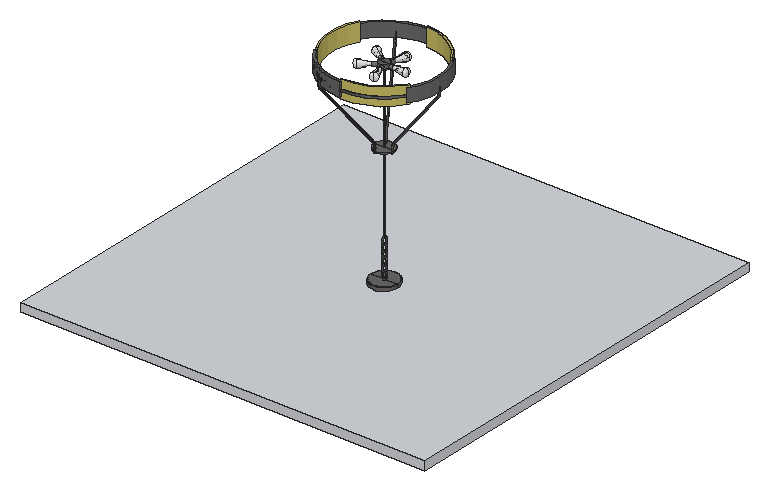
Revit family "P500330-031", category Lighting Fixtures, host Face, Revit 2021 (continued)
Automatic sketch dimensions
  Sweep 12 sketch curve to Sweep 12 sketch curve = 0.09741"
  Sweep 12 sketch curve to profile plane = 0.00"
  profile plane to Sweep 12 sketch curve = 0.00095"
  plane 1 "Center (Front/Back)" to Sweep 13 sketch curve = 0.33025"
  Sweep 13 sketch curve to Sweep 13 sketch curve = 0.12134"
  plane 1 "Center (Front/Back)" to Sweep 13 sketch curve = 0.04529"
  Sweep 13 sketch curve to Sweep 13 sketch curve = 0.09741"
  Sweep 13 sketch curve to profile plane = 0.00"
  profile plane to Sweep 13 sketch curve = 0.00095"
  plane 1 "Center (Front/Back)" to Revolve 14 sketch curve = 0.64841"
  Revolve 14 sketch curve to Revolve 14 sketch curve = 0.04488"  (x2)
  plane 1 "Center (Front/Back)" to Revolve 14 sketch curve = 0.50186"
  Revolve 14 sketch curve to Revolve 14 sketch curve = 2.09576"
  Revolve 14 sketch curve to Revolve 14 sketch curve = 0.00978"
  Revolve 14 sketch curve to Revolve 14 sketch curve = 0.00483"
  Revolve 14 sketch curve to Revolve 14 sketch curve = 0.502"
  Revolve 14 sketch curve to Revolve 14 sketch curve = 0.06901"
  Revolve 15 sketch curve to plane 1 "Center (Front/Back)" = 0.68371"
  Revolve 15 sketch curve to Revolve 15 sketch curve = 0.04488"  (x2)
  Revolve 15 sketch curve to plane 1 "Center (Front/Back)" = 0.53482"
  Revolve 15 sketch curve to Revolve 15 sketch curve = 2.12926"
  Revolve 15 sketch curve to Revolve 15 sketch curve = 0.01212"
  Revolve 15 sketch curve to Revolve 15 sketch curve = 0.00483"
  Revolve 15 sketch curve to Revolve 15 sketch curve = 0.06901"
  Revolve 15 sketch curve to Revolve 15 sketch curve = 0.46851"
  Revolve 16 sketch curve to plane 3 "Center (Left/Right)" = 0.00"  (x3)
  Revolve 16 sketch curve to level = 0.00"
  plane 3 "Center (Left/Right)" to Revolve 16 sketch curve = 0.1333"  (x3)
  plane 3 "Center (Left/Right)" to Revolve 16 sketch curve = 0.3208"
  Revolve 16 sketch curve to Revolve 16 sketch curve = 1.14628"
  Revolve 16 sketch curve to Revolve 16 sketch curve = 0.00"
  Revolve 16 sketch curve to Revolve 16 sketch curve = 0.07001"
  Revolve 16 sketch curve to Revolve 16 sketch curve = 2.25"
  level to Revolve 16 sketch curve = 0.83366"
  Revolve 16 sketch curve to Revolve 16 sketch curve = 2.83309"
  Revolve 16 sketch curve to Revolve 16 sketch curve = 0.09611"
  Revolve 16 sketch curve to Revolve 16 sketch curve = 0.08366"
  Revolve 16 sketch curve to Revolve 16 sketch curve = 0.25"
  plane 4 to Revolve 16 sketch curve = 0.77409"
  Revolve 16 sketch curve to Revolve 16 sketch curve = 0.15"
  Revolve 16 sketch curve to Revolve 16 sketch curve = 1.63119"
  Revolve 16 sketch curve to Revolve 16 sketch curve = 0.09786"
  Revolve 16 sketch curve to level = 24.00"
  Revolve 16 sketch curve to Revolve 16 sketch curve = 1.22464"
  Sweep 17 sketch curve to plane 8 = 0.00"
  Sweep 17 sketch curve to plane 8 = 0.26499"
  Sweep 17 sketch curve to Sweep 17 sketch curve = 1.25"
  plane 3 "Center (Left/Right)" to Sweep 17 sketch curve = 4.57546"
  plane 3 "Center (Left/Right)" to Sweep 17 sketch curve = 2.48143"
  Sweep 17 sketch curve to Sweep 17 sketch curve = 0.56333"
  plane 1 "Center (Front/Back)" to Sweep 17 sketch curve = 0.00"
  Sweep 17 sketch curve to profile plane = 0.00"
  Sweep 18 sketch curve to Sweep 18 sketch curve = 0.56333"
  Sweep 18 sketch curve to Sweep 18 sketch curve = 9.26857"
  Sweep 18 sketch curve to Sweep 18 sketch curve = 0.98501"
  Sweep 18 sketch curve to profile plane = 0.00"  (x2)
  profile plane to Sweep 19 sketch curve = 0.00"
  Sweep 19 sketch curve to profile plane = 0.00"
  plane 3 "Center (Left/Right)" to Revolve 20 sketch curve = 1.22826"
  Revolve 20 sketch curve to Revolve 20 sketch curve = 1.12419"
  Revolve 20 sketch curve to Revolve 20 sketch curve = 0.39063"
  Revolve 20 sketch curve to Revolve 20 sketch curve = 0.03066"
  Revolve 20 sketch curve to Revolve 20 sketch curve = 0.22353"
  Revolve 20 sketch curve to Revolve 20 sketch curve = 0.00"
  Revolve 21 sketch curve to Revolve 21 sketch curve = 0.40218"
  Revolve 21 sketch curve to Revolve 21 sketch curve = 0.93968"
  Revolve 21 sketch curve to Revolve 21 sketch curve = 2.76522"
  Revolve 21 sketch curve to Revolve 21 sketch curve = 0.68272"
  Revolve 21 sketch curve to Revolve 21 sketch curve = 0.00"
  Revolve 21 sketch curve to Revolve 21 sketch curve = 16.7585"
  Revolve 21 sketch curve to Revolve 21 sketch curve = 31.43773"
  Revolve 22 sketch curve to Revolve 22 sketch curve = 0.17678"  (x2)
  Revolve 22 sketch curve to Revolve 22 sketch curve = 0.20683"
  Revolve 22 sketch curve to Revolve 22 sketch curve = 0.00146"
  Revolve 22 sketch curve to Revolve 22 sketch curve = 0.01542"
  Revolve 22 sketch curve to Revolve 22 sketch curve = 0.25"  (x3)
  Revolve 22 sketch curve to Revolve 22 sketch curve = 0.09516"
  Revolve 22 sketch curve to Revolve 22 sketch curve = 2.25"
  Revolve 22 sketch curve to Revolve 22 sketch curve = 0.1864"
  Revolve 22 sketch curve to Revolve 22 sketch curve = 0.00996"
  Revolve 22 sketch curve to Revolve 22 sketch curve = 0.07767"
  Revolve 22 sketch curve to Revolve 22 sketch curve = 0.03385"
  Revolve 22 sketch curve to Revolve 22 sketch curve = 0.00"  (x2)
  Revolve 22 sketch curve to Revolve 22 sketch curve = 5.5253"
  Revolve 23 sketch curve to Revolve 23 sketch curve = 0.04488"  (x2)
  Revolve 23 sketch curve to Revolve 23 sketch curve = 0.10225"
  Revolve 23 sketch curve to Revolve 23 sketch curve = 2.10405"
  Revolve 23 sketch curve to Revolve 23 sketch curve = 0.01036"
  Revolve 23 sketch curve to Revolve 23 sketch curve = 0.00483"
  Revolve 23 sketch curve to Revolve 23 sketch curve = 0.49372"
  Revolve 23 sketch curve to Revolve 23 sketch curve = 0.06901"
  Revolve 24 sketch curve to Revolve 24 sketch curve = 0.04488"  (x2)
  Revolve 24 sketch curve to Revolve 24 sketch curve = 0.10401"
  Revolve 24 sketch curve to Revolve 24 sketch curve = 2.12926"
  Revolve 24 sketch curve to Revolve 24 sketch curve = 0.01212"
  Revolve 24 sketch curve to Revolve 24 sketch curve = 0.00483"
  Revolve 24 sketch curve to Revolve 24 sketch curve = 0.06901"
  Revolve 24 sketch curve to Revolve 24 sketch curve = 0.46851"
  Sweep 25 sketch curve to Sweep 25 sketch curve = 0.12134"
  Sweep 25 sketch curve to Sweep 25 sketch curve = 0.4412"
  Sweep 25 sketch curve to Sweep 25 sketch curve = 0.09741"
  Sweep 25 sketch curve to profile plane = 0.00"
  profile plane to Sweep 25 sketch curve = 0.00095"
  Sweep 26 sketch curve to Sweep 26 sketch curve = 0.12134"
  Sweep 26 sketch curve to Sweep 26 sketch curve = 0.4412"
  Sweep 26 sketch curve to Sweep 26 sketch curve = 0.09741"
  Sweep 26 sketch curve to profile plane = 0.00"
  profile plane to Sweep 26 sketch curve = 0.00095"
  Sweep 27 sketch curve to Sweep 27 sketch curve = 0.12134"
  Sweep 27 sketch curve to Sweep 27 sketch curve = 0.4412"
  Sweep 27 sketch curve to Sweep 27 sketch curve = 0.09741"
  Sweep 27 sketch curve to profile plane = 0.00"
  profile plane to Sweep 27 sketch curve = 0.00095"
  Sweep 28 sketch curve to Sweep 28 sketch curve = 0.12134"
  Sweep 28 sketch curve to Sweep 28 sketch curve = 0.4412"
  Sweep 28 sketch curve to Sweep 28 sketch curve = 0.09741"
  Sweep 28 sketch curve to profile plane = 0.00"
  profile plane to Sweep 28 sketch curve = 0.00095"
  Sweep 29 sketch curve to Sweep 29 sketch curve = 0.12134"
  Sweep 29 sketch curve to Sweep 29 sketch curve = 0.28495"
  Sweep 29 sketch curve to Sweep 29 sketch curve = 0.09741"
  Sweep 29 sketch curve to profile plane = 0.00"
  profile plane to Sweep 29 sketch curve = 0.00095"
  Sweep 30 sketch curve to Sweep 30 sketch curve = 0.12134"
  Sweep 30 sketch curve to Sweep 30 sketch curve = 0.28495"
  Sweep 30 sketch curve to Sweep 30 sketch curve = 0.09741"
  Sweep 30 sketch curve to profile plane = 0.00"
  profile plane to Sweep 30 sketch curve = 0.00095"
  Sweep 31 sketch curve to Sweep 31 sketch curve = 0.12134"
  Sweep 31 sketch curve to Sweep 31 sketch curve = 0.28495"
  Sweep 31 sketch curve to Sweep 31 sketch curve = 0.09741"
  Sweep 31 sketch curve to profile plane = 0.00"
  profile plane to Sweep 31 sketch curve = 0.00095"
  Sweep 32 sketch curve to Sweep 32 sketch curve = 0.12134"
  Sweep 32 sketch curve to Sweep 32 sketch curve = 0.28495"
  Sweep 32 sketch curve to Sweep 32 sketch curve = 0.09741"
  Sweep 32 sketch curve to profile plane = 0.00"
  profile plane to Sweep 32 sketch curve = 0.00095"
  Revolve 33 sketch curve to Revolve 33 sketch curve = 0.04488"  (x2)
  Revolve 33 sketch curve to Revolve 33 sketch curve = 0.10167"
  Revolve 33 sketch curve to Revolve 33 sketch curve = 2.09576"
  Revolve 33 sketch curve to Revolve 33 sketch curve = 0.00978"
  Revolve 33 sketch curve to Revolve 33 sketch curve = 0.00483"
  Revolve 33 sketch curve to Revolve 33 sketch curve = 0.502"
  Revolve 33 sketch curve to Revolve 33 sketch curve = 0.06901"
  Revolve 34 sketch curve to Revolve 34 sketch curve = 0.04488"  (x2)
  Revolve 34 sketch curve to Revolve 34 sketch curve = 0.10401"
  Revolve 34 sketch curve to Revolve 34 sketch curve = 2.12926"
  Revolve 34 sketch curve to Revolve 34 sketch curve = 0.01212"
  Revolve 34 sketch curve to Revolve 34 sketch curve = 0.00483"
  Revolve 34 sketch curve to Revolve 34 sketch curve = 0.06901"
  Revolve 34 sketch curve to Revolve 34 sketch curve = 0.46851"
  Revolve 35 sketch curve to Revolve 35 sketch curve = 1.12419"
  Revolve 35 sketch curve to Revolve 35 sketch curve = 0.39063"
  Revolve 35 sketch curve to Revolve 35 sketch curve = 0.03066"
  Revolve 35 sketch curve to Revolve 35 sketch curve = 0.22353"
  Revolve 35 sketch curve to Revolve 35 sketch curve = 0.00"
  Revolve 36 sketch curve to Revolve 36 sketch curve = 0.40218"
  Revolve 36 sketch curve to Revolve 36 sketch curve = 0.93968"
  Revolve 36 sketch curve to Revolve 36 sketch curve = 2.76522"
  Revolve 36 sketch curve to Revolve 36 sketch curve = 0.68272"
  Revolve 36 sketch curve to Revolve 36 sketch curve = 0.00"
  Revolve 36 sketch curve to Revolve 36 sketch curve = 16.7585"
  Revolve 36 sketch curve to Revolve 36 sketch curve = 31.43773"
  Revolve 37 sketch curve to Revolve 37 sketch curve = 0.17678"  (x2)
  Revolve 37 sketch curve to Revolve 37 sketch curve = 0.20683"
  Revolve 37 sketch curve to Revolve 37 sketch curve = 0.00146"
  Revolve 37 sketch curve to Revolve 37 sketch curve = 0.01542"
  Revolve 37 sketch curve to Revolve 37 sketch curve = 0.25"  (x3)
  Revolve 37 sketch curve to Revolve 37 sketch curve = 0.09516"
  Revolve 37 sketch curve to Revolve 37 sketch curve = 2.25"
  Revolve 37 sketch curve to Revolve 37 sketch curve = 0.1864"
  Revolve 37 sketch curve to Revolve 37 sketch curve = 0.00996"
  Revolve 37 sketch curve to Revolve 37 sketch curve = 0.07767"
  Revolve 37 sketch curve to Revolve 37 sketch curve = 0.03385"
  Revolve 37 sketch curve to Revolve 37 sketch curve = 0.00"  (x2)
  Revolve 37 sketch curve to Revolve 37 sketch curve = 5.5253"
  Revolve 38 sketch curve to Revolve 38 sketch curve = 0.04488"  (x2)
  Revolve 38 sketch curve to Revolve 38 sketch curve = 0.10225"
  Revolve 38 sketch curve to Revolve 38 sketch curve = 2.10405"
  Revolve 38 sketch curve to Revolve 38 sketch curve = 0.01036"
  Revolve 38 sketch curve to Revolve 38 sketch curve = 0.00483"
  Revolve 38 sketch curve to Revolve 38 sketch curve = 0.49372"
  Revolve 38 sketch curve to Revolve 38 sketch curve = 0.06901"
  Revolve 39 sketch curve to Revolve 39 sketch curve = 0.04488"  (x2)
  Revolve 39 sketch curve to Revolve 39 sketch curve = 0.10401"
  Revolve 39 sketch curve to Revolve 39 sketch curve = 2.12926"
  Revolve 39 sketch curve to Revolve 39 sketch curve = 0.01212"
  Revolve 39 sketch curve to Revolve 39 sketch curve = 0.00483"
  Revolve 39 sketch curve to Revolve 39 sketch curve = 0.06901"
  Revolve 39 sketch curve to Revolve 39 sketch curve = 0.46851"
  Sweep 40 sketch curve to Sweep 40 sketch curve = 0.12134"
  Sweep 40 sketch curve to Sweep 40 sketch curve = 0.4412"
  Sweep 40 sketch curve to Sweep 40 sketch curve = 0.09741"
  Sweep 40 sketch curve to profile plane = 0.00"
  profile plane to Sweep 40 sketch curve = 0.00095"
  Sweep 41 sketch curve to Sweep 41 sketch curve = 0.12134"
  Sweep 41 sketch curve to Sweep 41 sketch curve = 0.4412"
  Sweep 41 sketch curve to Sweep 41 sketch curve = 0.09741"
  Sweep 41 sketch curve to profile plane = 0.00"
  profile plane to Sweep 41 sketch curve = 0.00095"
  Sweep 42 sketch curve to Sweep 42 sketch curve = 0.12134"
  Sweep 42 sketch curve to Sweep 42 sketch curve = 0.4412"
  Sweep 42 sketch curve to Sweep 42 sketch curve = 0.09741"
  profile plane to Sweep 42 sketch curve = 0.00"
  profile plane to Sweep 42 sketch curve = 0.00095"
  Sweep 43 sketch curve to Sweep 43 sketch curve = 0.12134"
  Sweep 43 sketch curve to Sweep 43 sketch curve = 0.4412"
  Sweep 43 sketch curve to Sweep 43 sketch curve = 0.09741"
  profile plane to Sweep 43 sketch curve = 0.00"
  profile plane to Sweep 43 sketch curve = 0.00095"
  Sweep 44 sketch curve to Sweep 44 sketch curve = 0.12134"
  Sweep 44 sketch curve to Sweep 44 sketch curve = 0.28495"
  Sweep 44 sketch curve to Sweep 44 sketch curve = 0.09741"
  Sweep 44 sketch curve to profile plane = 0.00"
  profile plane to Sweep 44 sketch curve = 0.00095"
  Sweep 45 sketch curve to Sweep 45 sketch curve = 0.12134"
  Sweep 45 sketch curve to Sweep 45 sketch curve = 0.28495"
  Sweep 45 sketch curve to Sweep 45 sketch curve = 0.09741"
  Sweep 45 sketch curve to profile plane = 0.00"
  profile plane to Sweep 45 sketch curve = 0.00095"
  Sweep 46 sketch curve to Sweep 46 sketch curve = 0.12134"
  Sweep 46 sketch curve to Sweep 46 sketch curve = 0.28495"
  Sweep 46 sketch curve to Sweep 46 sketch curve = 0.09741"
  profile plane to Sweep 46 sketch curve = 0.00"
  profile plane to Sweep 46 sketch curve = 0.00095"
  Sweep 47 sketch curve to Sweep 47 sketch curve = 0.12134"
  Sweep 47 sketch curve to Sweep 47 sketch curve = 0.28495"
  Sweep 47 sketch curve to Sweep 47 sketch curve = 0.09741"
  profile plane to Sweep 47 sketch curve = 0.00"
  profile plane to Sweep 47 sketch curve = 0.00095"
  Revolve 48 sketch curve to Revolve 48 sketch curve = 0.04488"  (x2)
  Revolve 48 sketch curve to Revolve 48 sketch curve = 0.10167"
  Revolve 48 sketch curve to Revolve 48 sketch curve = 2.09576"
  Revolve 48 sketch curve to Revolve 48 sketch curve = 0.00978"
  Revolve 48 sketch curve to Revolve 48 sketch curve = 0.00483"
  Revolve 48 sketch curve to Revolve 48 sketch curve = 0.502"
  Revolve 48 sketch curve to Revolve 48 sketch curve = 0.06901"
  Revolve 49 sketch curve to Revolve 49 sketch curve = 0.04488"  (x2)
  Revolve 49 sketch curve to Revolve 49 sketch curve = 0.10401"
  Revolve 49 sketch curve to Revolve 49 sketch curve = 2.12926"
  Revolve 49 sketch curve to Revolve 49 sketch curve = 0.01212"
  Revolve 49 sketch curve to Revolve 49 sketch curve = 0.00483"
  Revolve 49 sketch curve to Revolve 49 sketch curve = 0.06901"
  Revolve 49 sketch curve to Revolve 49 sketch curve = 0.46851"
  Revolve 50 sketch curve to Revolve 50 sketch curve = 1.12419"
  Revolve 50 sketch curve to Revolve 50 sketch curve = 0.39063"
  Revolve 50 sketch curve to Revolve 50 sketch curve = 0.03066"
  Revolve 50 sketch curve to Revolve 50 sketch curve = 0.22353"
  Revolve 50 sketch curve to Revolve 50 sketch curve = 0.00"
  Revolve 51 sketch curve to Revolve 51 sketch curve = 0.40218"
  Revolve 51 sketch curve to Revolve 51 sketch curve = 0.93968"
  Revolve 51 sketch curve to Revolve 51 sketch curve = 2.76522"
  Revolve 51 sketch curve to Revolve 51 sketch curve = 0.68272"
  Revolve 51 sketch curve to Revolve 51 sketch curve = 0.00"
  Revolve 51 sketch curve to Revolve 51 sketch curve = 16.7585"
  Revolve 51 sketch curve to Revolve 51 sketch curve = 31.43773"
  Revolve 52 sketch curve to Revolve 52 sketch curve = 0.17678"  (x2)
  Revolve 52 sketch curve to Revolve 52 sketch curve = 0.20683"
  Revolve 52 sketch curve to Revolve 52 sketch curve = 0.00146"
  Revolve 52 sketch curve to Revolve 52 sketch curve = 0.01542"
  Revolve 52 sketch curve to Revolve 52 sketch curve = 0.25"  (x3)
  Revolve 52 sketch curve to Revolve 52 sketch curve = 0.09516"
  Revolve 52 sketch curve to Revolve 52 sketch curve = 2.25"
  Revolve 52 sketch curve to Revolve 52 sketch curve = 0.1864"
  Revolve 52 sketch curve to Revolve 52 sketch curve = 0.00996"
  Revolve 52 sketch curve to Revolve 52 sketch curve = 0.07767"
  Revolve 52 sketch curve to Revolve 52 sketch curve = 0.03385"
  Revolve 52 sketch curve to Revolve 52 sketch curve = 0.00"  (x2)
  Revolve 52 sketch curve to Revolve 52 sketch curve = 5.5253"
  Revolve 53 sketch curve to Revolve 53 sketch curve = 0.04488"  (x2)
  Revolve 53 sketch curve to Revolve 53 sketch curve = 0.10225"
  Revolve 53 sketch curve to Revolve 53 sketch curve = 2.10405"
  Revolve 53 sketch curve to Revolve 53 sketch curve = 0.01036"
  Revolve 53 sketch curve to Revolve 53 sketch curve = 0.00483"
  Revolve 53 sketch curve to Revolve 53 sketch curve = 0.49372"
  Revolve 53 sketch curve to Revolve 53 sketch curve = 0.06901"
  Revolve 54 sketch curve to Revolve 54 sketch curve = 0.04488"  (x2)
  Revolve 54 sketch curve to Revolve 54 sketch curve = 0.10401"
  Revolve 54 sketch curve to Revolve 54 sketch curve = 2.12926"
  Revolve 54 sketch curve to Revolve 54 sketch curve = 0.01212"
  Revolve 54 sketch curve to Revolve 54 sketch curve = 0.00483"
  Revolve 54 sketch curve to Revolve 54 sketch curve = 0.06901"
  Revolve 54 sketch curve to Revolve 54 sketch curve = 0.46851"
  Sweep 55 sketch curve to Sweep 55 sketch curve = 0.12134"
  Sweep 55 sketch curve to Sweep 55 sketch curve = 0.4412"
  Sweep 55 sketch curve to Sweep 55 sketch curve = 0.09741"
  profile plane to Sweep 55 sketch curve = 0.00"
  profile plane to Sweep 55 sketch curve = 0.00095"
  Sweep 56 sketch curve to Sweep 56 sketch curve = 0.12134"
  Sweep 56 sketch curve to Sweep 56 sketch curve = 0.4412"
  Sweep 56 sketch curve to Sweep 56 sketch curve = 0.09741"
  profile plane to Sweep 56 sketch curve = 0.00"
  profile plane to Sweep 56 sketch curve = 0.00095"
  Sweep 57 sketch curve to Sweep 57 sketch curve = 0.12134"
  Sweep 57 sketch curve to Sweep 57 sketch curve = 0.4412"
  Sweep 57 sketch curve to Sweep 57 sketch curve = 0.09741"
  profile plane to Sweep 57 sketch curve = 0.00"
  profile plane to Sweep 57 sketch curve = 0.00095"
  Sweep 58 sketch curve to Sweep 58 sketch curve = 0.12134"
  Sweep 58 sketch curve to Sweep 58 sketch curve = 0.4412"
  Sweep 58 sketch curve to Sweep 58 sketch curve = 0.09741"
  profile plane to Sweep 58 sketch curve = 0.00"
  profile plane to Sweep 58 sketch curve = 0.00095"
  Sweep 59 sketch curve to Sweep 59 sketch curve = 0.12134"
  Sweep 59 sketch curve to Sweep 59 sketch curve = 0.28495"
  Sweep 59 sketch curve to Sweep 59 sketch curve = 0.09741"
  profile plane to Sweep 59 sketch curve = 0.00"
  profile plane to Sweep 59 sketch curve = 0.00095"
  Sweep 60 sketch curve to Sweep 60 sketch curve = 0.12134"
  Sweep 60 sketch curve to Sweep 60 sketch curve = 0.28495"
  Sweep 60 sketch curve to Sweep 60 sketch curve = 0.09741"
  profile plane to Sweep 60 sketch curve = 0.00"
  profile plane to Sweep 60 sketch curve = 0.00095"
  Sweep 61 sketch curve to Sweep 61 sketch curve = 0.12134"
  Sweep 61 sketch curve to Sweep 61 sketch curve = 0.28495"
  Sweep 61 sketch curve to Sweep 61 sketch curve = 0.09741"
  profile plane to Sweep 61 sketch curve = 0.00"
  profile plane to Sweep 61 sketch curve = 0.00095"
  Sweep 62 sketch curve to Sweep 62 sketch curve = 0.12134"
  Sweep 62 sketch curve to Sweep 62 sketch curve = 0.28495"
  Sweep 62 sketch curve to Sweep 62 sketch curve = 0.09741"
  profile plane to Sweep 62 sketch curve = 0.00"
  profile plane to Sweep 62 sketch curve = 0.00095"
  Revolve 63 sketch curve to Revolve 63 sketch curve = 0.04488"  (x2)
  Revolve 63 sketch curve to Revolve 63 sketch curve = 0.10167"
  Revolve 63 sketch curve to Revolve 63 sketch curve = 2.09576"
  Revolve 63 sketch curve to Revolve 63 sketch curve = 0.00978"
  Revolve 63 sketch curve to Revolve 63 sketch curve = 0.00483"
  Revolve 63 sketch curve to Revolve 63 sketch curve = 0.502"
  Revolve 63 sketch curve to Revolve 63 sketch curve = 0.06901"
  Revolve 64 sketch curve to Revolve 64 sketch curve = 0.04488"  (x2)
  Revolve 64 sketch curve to Revolve 64 sketch curve = 0.10401"
  Revolve 64 sketch curve to Revolve 64 sketch curve = 2.12926"
  Revolve 64 sketch curve to Revolve 64 sketch curve = 0.01212"
  Revolve 64 sketch curve to Revolve 64 sketch curve = 0.00483"
  Revolve 64 sketch curve to Revolve 64 sketch curve = 0.06901"
  Revolve 64 sketch curve to Revolve 64 sketch curve = 0.46851"
  Revolve 65 sketch curve to Revolve 65 sketch curve = 1.12419"
  Revolve 65 sketch curve to Revolve 65 sketch curve = 0.39063"
  Revolve 65 sketch curve to Revolve 65 sketch curve = 0.03066"
  Revolve 65 sketch curve to Revolve 65 sketch curve = 0.22353"
  Revolve 65 sketch curve to Revolve 65 sketch curve = 0.00"
  Revolve 66 sketch curve to Revolve 66 sketch curve = 0.40218"
  Revolve 66 sketch curve to Revolve 66 sketch curve = 0.93968"
  Revolve 66 sketch curve to Revolve 66 sketch curve = 2.76522"
  Revolve 66 sketch curve to Revolve 66 sketch curve = 0.68272"
  Revolve 66 sketch curve to Revolve 66 sketch curve = 0.00"
  Revolve 66 sketch curve to Revolve 66 sketch curve = 16.7585"
  Revolve 66 sketch curve to Revolve 66 sketch curve = 31.43773"
  Revolve 67 sketch curve to Revolve 67 sketch curve = 0.17678"  (x2)
  Revolve 67 sketch curve to Revolve 67 sketch curve = 0.20683"
  Revolve 67 sketch curve to Revolve 67 sketch curve = 0.00146"
  Revolve 67 sketch curve to Revolve 67 sketch curve = 0.01542"
  Revolve 67 sketch curve to Revolve 67 sketch curve = 0.25"  (x3)
  Revolve 67 sketch curve to Revolve 67 sketch curve = 0.09516"
  Revolve 67 sketch curve to Revolve 67 sketch curve = 2.25"
  Revolve 67 sketch curve to Revolve 67 sketch curve = 0.1864"
  Revolve 67 sketch curve to Revolve 67 sketch curve = 0.00996"
  Revolve 67 sketch curve to Revolve 67 sketch curve = 0.07767"
  Revolve 67 sketch curve to Revolve 67 sketch curve = 0.03385"
  Revolve 67 sketch curve to Revolve 67 sketch curve = 0.00"  (x2)
  Revolve 67 sketch curve to Revolve 67 sketch curve = 5.5253"
  Revolve 68 sketch curve to Revolve 68 sketch curve = 0.04488"  (x2)
  Revolve 68 sketch curve to Revolve 68 sketch curve = 0.10225"
  Revolve 68 sketch curve to Revolve 68 sketch curve = 2.10405"
  Revolve 68 sketch curve to Revolve 68 sketch curve = 0.01036"
  Revolve 68 sketch curve to Revolve 68 sketch curve = 0.00483"
  Revolve 68 sketch curve to Revolve 68 sketch curve = 0.49372"
  Revolve 68 sketch curve to Revolve 68 sketch curve = 0.06901"
  Revolve 69 sketch curve to Revolve 69 sketch curve = 0.04488"  (x2)
  Revolve 69 sketch curve to Revolve 69 sketch curve = 0.10401"
  Revolve 69 sketch curve to Revolve 69 sketch curve = 2.12926"
  Revolve 69 sketch curve to Revolve 69 sketch curve = 0.01212"
  Revolve 69 sketch curve to Revolve 69 sketch curve = 0.00483"
  Revolve 69 sketch curve to Revolve 69 sketch curve = 0.06901"
  Revolve 69 sketch curve to Revolve 69 sketch curve = 0.46851"
  Sweep 70 sketch curve to Sweep 70 sketch curve = 0.12134"
  Sweep 70 sketch curve to Sweep 70 sketch curve = 0.4412"
  Sweep 70 sketch curve to Sweep 70 sketch curve = 0.09741"
  profile plane to Sweep 70 sketch curve = 0.00"
  profile plane to Sweep 70 sketch curve = 0.00095"
  Sweep 71 sketch curve to Sweep 71 sketch curve = 0.12134"
  Sweep 71 sketch curve to Sweep 71 sketch curve = 0.4412"
  Sweep 71 sketch curve to Sweep 71 sketch curve = 0.09741"
  profile plane to Sweep 71 sketch curve = 0.00"
  profile plane to Sweep 71 sketch curve = 0.00095"
  Sweep 72 sketch curve to Sweep 72 sketch curve = 0.12134"
  Sweep 72 sketch curve to Sweep 72 sketch curve = 0.4412"
  Sweep 72 sketch curve to Sweep 72 sketch curve = 0.09741"
  Sweep 72 sketch curve to profile plane = 0.00"
  profile plane to Sweep 72 sketch curve = 0.00095"
  Sweep 73 sketch curve to Sweep 73 sketch curve = 0.12134"
  Sweep 73 sketch curve to Sweep 73 sketch curve = 0.4412"
  Sweep 73 sketch curve to Sweep 73 sketch curve = 0.09741"
  Sweep 73 sketch curve to profile plane = 0.00"
  profile plane to Sweep 73 sketch curve = 0.00095"
  Sweep 74 sketch curve to Sweep 74 sketch curve = 0.12134"
  Sweep 74 sketch curve to Sweep 74 sketch curve = 0.28495"
  Sweep 74 sketch curve to Sweep 74 sketch curve = 0.09741"
  profile plane to Sweep 74 sketch curve = 0.00"
  profile plane to Sweep 74 sketch curve = 0.00095"
  Sweep 75 sketch curve to Sweep 75 sketch curve = 0.12134"
  Sweep 75 sketch curve to Sweep 75 sketch curve = 0.28495"
  Sweep 75 sketch curve to Sweep 75 sketch curve = 0.09741"
  profile plane to Sweep 75 sketch curve = 0.00"
  profile plane to Sweep 75 sketch curve = 0.00095"
  Sweep 76 sketch curve to Sweep 76 sketch curve = 0.12134"
  Sweep 76 sketch curve to Sweep 76 sketch curve = 0.28495"
  Sweep 76 sketch curve to Sweep 76 sketch curve = 0.09741"
  Sweep 76 sketch curve to profile plane = 0.00"
  profile plane to Sweep 76 sketch curve = 0.00095"
  Sweep 77 sketch curve to Sweep 77 sketch curve = 0.12134"
  Sweep 77 sketch curve to Sweep 77 sketch curve = 0.28495"
  Sweep 77 sketch curve to Sweep 77 sketch curve = 0.09741"
  Sweep 77 sketch curve to profile plane = 0.00"
  profile plane to Sweep 77 sketch curve = 0.00095"
  Revolve 78 sketch curve to Revolve 78 sketch curve = 0.04488"  (x2)
  Revolve 78 sketch curve to Revolve 78 sketch curve = 0.10167"
  Revolve 78 sketch curve to Revolve 78 sketch curve = 2.09576"
  Revolve 78 sketch curve to Revolve 78 sketch curve = 0.00978"
  Revolve 78 sketch curve to Revolve 78 sketch curve = 0.00483"
  Revolve 78 sketch curve to Revolve 78 sketch curve = 0.502"
  Revolve 78 sketch curve to Revolve 78 sketch curve = 0.06901"
  Revolve 79 sketch curve to Revolve 79 sketch curve = 0.04488"  (x2)
  Revolve 79 sketch curve to Revolve 79 sketch curve = 0.10401"
  Revolve 79 sketch curve to Revolve 79 sketch curve = 2.12926"
  Revolve 79 sketch curve to Revolve 79 sketch curve = 0.01212"
  Revolve 79 sketch curve to Revolve 79 sketch curve = 0.00483"
  Revolve 79 sketch curve to Revolve 79 sketch curve = 0.06901"
  Revolve 79 sketch curve to Revolve 79 sketch curve = 0.46851"
  Revolve 80 sketch curve to Revolve 80 sketch curve = 1.12419"
  Revolve 80 sketch curve to Revolve 80 sketch curve = 0.39063"
  Revolve 80 sketch curve to Revolve 80 sketch curve = 0.03066"
  Revolve 80 sketch curve to Revolve 80 sketch curve = 0.22353"
  Revolve 80 sketch curve to Revolve 80 sketch curve = 0.00"
  Revolve 81 sketch curve to plane 3 "Center (Left/Right)" = 0.00"
  Revolve 81 sketch curve to plane 8 = 0.15"
  plane 8 to Revolve 81 sketch curve = 0.14687"
  Revolve 81 sketch curve to level = 24.00"
  Revolve 82 sketch curve to plane 3 "Center (Left/Right)" = 0.00"
  Revolve 82 sketch curve to plane 8 = 0.30898"
  plane 8 to Revolve 82 sketch curve = 0.19102"
  Revolve 82 sketch curve to level = 24.00"
  Revolve 83 sketch curve to Revolve 83 sketch curve = 0.50"
  Revolve 83 sketch curve to Revolve 83 sketch curve = 12.69102"
  Revolve 83 sketch curve to level = 24.00"
  Revolve 84 sketch curve to Revolve 84 sketch curve = 0.50"
  Revolve 84 sketch curve to Revolve 84 sketch curve = 12.69102"
  Revolve 84 sketch curve to level = 24.00"
  Revolve 85 sketch curve to plane 3 "Center (Left/Right)" = 0.00"
  Revolve 85 sketch curve to plane 8 = 0.52565"
  Revolve 85 sketch curve to plane 8 = 0.14648"
  Revolve 85 sketch curve to level = 24.00"
  Revolve 86 sketch curve to Revolve 86 sketch curve = 0.37917"
  Revolve 86 sketch curve to Revolve 86 sketch curve = 12.47435"
  Revolve 86 sketch curve to level = 24.00"
  Revolve 87 sketch curve to Revolve 87 sketch curve = 0.37917"
  Revolve 87 sketch curve to Revolve 87 sketch curve = 12.47435"
  Revolve 87 sketch curve to level = 24.00"
  Sweep 88 sketch curve to plane 3 "Center (Left/Right)" = 0.50347"
  Sweep 88 sketch curve to plane 3 "Center (Left/Right)" = 0.25347"
  Sweep 88 sketch curve to Sweep 88 sketch curve = 0.25"
  plane 3 "Center (Left/Right)" to Sweep 88 sketch curve = 0.12962"
  plane 3 "Center (Left/Right)" to Sweep 88 sketch curve = 0.16095"
  Sweep 88 sketch curve to Sweep 88 sketch curve = 0.36692"
  level to Sweep 88 sketch curve = 1.04948"
  Sweep 88 sketch curve to Sweep 88 sketch curve = 0.90091"
  Sweep 88 sketch curve to plane 1 "Center (Front/Back)" = 0.00"
  profile plane to Sweep 88 sketch curve = 0.00"
  Sweep 89 sketch curve to plane 1 "Center (Front/Back)" = 0.50"
  Sweep 89 sketch curve to plane 1 "Center (Front/Back)" = 0.25"
  Sweep 89 sketch curve to Sweep 89 sketch curve = 0.25"
  plane 1 "Center (Front/Back)" to Sweep 89 sketch curve = 0.13308"
  plane 1 "Center (Front/Back)" to Sweep 89 sketch curve = 0.16441"
  Sweep 89 sketch curve to Sweep 89 sketch curve = 0.36692"
  level to Sweep 89 sketch curve = 2.42448"
  Sweep 89 sketch curve to Sweep 89 sketch curve = 0.90091"
  Sweep 89 sketch curve to profile plane = 0.00"
  profile plane to Sweep 89 sketch curve = 0.00"
  Sweep 90 sketch curve to plane 3 "Center (Left/Right)" = 0.50347"
  Sweep 90 sketch curve to plane 3 "Center (Left/Right)" = 0.25347"
  Sweep 90 sketch curve to Sweep 90 sketch curve = 0.25"
  plane 3 "Center (Left/Right)" to Sweep 90 sketch curve = 0.12962"
  plane 3 "Center (Left/Right)" to Sweep 90 sketch curve = 0.16095"
  Sweep 90 sketch curve to Sweep 90 sketch curve = 0.36692"
  plane 7 to Sweep 90 sketch curve = 3.1215"
  Sweep 90 sketch curve to Sweep 90 sketch curve = 0.90091"
  Sweep 90 sketch curve to plane 1 "Center (Front/Back)" = 0.00"
  profile plane to Sweep 90 sketch curve = 0.00"
  Sweep 91 sketch curve to plane 1 "Center (Front/Back)" = 0.50"
  plane 7 to Sweep 91 sketch curve = 0.14308"
  Sweep 91 sketch curve to plane 1 "Center (Front/Back)" = 0.25"
  Sweep 91 sketch curve to Sweep 91 sketch curve = 0.25"
  plane 1 "Center (Front/Back)" to Sweep 91 sketch curve = 0.13308"
  plane 1 "Center (Front/Back)" to Sweep 91 sketch curve = 0.16441"
  Sweep 91 sketch curve to Sweep 91 sketch curve = 0.36692"
  Sweep 91 sketch curve to Sweep 91 sketch curve = 0.90091"
  Sweep 91 sketch curve to profile plane = 0.00"
  profile plane to Sweep 91 sketch curve = 0.00"
  Sweep 92 sketch curve to plane 3 "Center (Left/Right)" = 0.50347"
  Sweep 92 sketch curve to plane 3 "Center (Left/Right)" = 0.25347"
  plane 7 to Sweep 92 sketch curve = 0.00512"
  Sweep 92 sketch curve to Sweep 92 sketch curve = 0.25"
  plane 3 "Center (Left/Right)" to Sweep 92 sketch curve = 0.12962"
  plane 3 "Center (Left/Right)" to Sweep 92 sketch curve = 0.16095"
  Sweep 92 sketch curve to plane 7 = 0.1118"
  Sweep 92 sketch curve to Sweep 92 sketch curve = 0.90091"
  Sweep 92 sketch curve to plane 1 "Center (Front/Back)" = 0.00"
  profile plane to Sweep 92 sketch curve = 0.00"
  Sweep 93 sketch curve to plane 1 "Center (Front/Back)" = 0.50"
  Sweep 93 sketch curve to plane 1 "Center (Front/Back)" = 0.25"
  Sweep 93 sketch curve to Sweep 93 sketch curve = 0.25"
  plane 1 "Center (Front/Back)" to Sweep 93 sketch curve = 0.13308"
  plane 1 "Center (Front/Back)" to Sweep 93 sketch curve = 0.16441"
  Sweep 93 sketch curve to Sweep 93 sketch curve = 0.36692"
  Sweep 93 sketch curve to plane 7 = 1.11988"
  Sweep 93 sketch curve to Sweep 93 sketch curve = 0.90091"
  Sweep 93 sketch curve to profile plane = 0.00"
  profile plane to Sweep 93 sketch curve = 0.00"
  Revolve 16 sketch curve to Revolve 16 sketch curve = 15.54564"
  Revolve 16 sketch curve to Revolve 16 sketch curve = 0.95436"
  Sweep 17 sketch curve to Sweep 17 sketch curve = 13.12399"
  Sweep 17 sketch curve to Sweep 17 sketch curve = 2.31959"
  Sweep 18 sketch curve to Sweep 18 sketch curve = 0.26499"
  Sweep 18 sketch curve to Sweep 18 sketch curve = 13.12399"
  Sweep 18 sketch curve to Sweep 18 sketch curve = 2.31959"
  Revolve 81 sketch curve to Revolve 81 sketch curve = 0.50"
  Revolve 82 sketch curve to Revolve 82 sketch curve = 3.23391"
  Revolve 83 sketch curve to Revolve 83 sketch curve = 3.23391"
  Revolve 84 sketch curve to Revolve 84 sketch curve = 3.23391"
  Revolve 85 sketch curve to Revolve 85 sketch curve = 4.20347"
  Revolve 86 sketch curve to Revolve 86 sketch curve = 4.20347"
  Revolve 87 sketch curve to Revolve 87 sketch curve = 4.20347"
  Revolve 2 sketch curve to plane 4 = 36.0281"
  Revolve 3 sketch curve to plane 4 = 36.33364"
  Revolve 4 sketch curve to plane 4 = 36.64203"
  Revolve 5 sketch curve to plane 4 = 35.30908"
  Sweep 6 sketch curve to plane 4 = 35.46702"
  Sweep 7 sketch curve to plane 4 = 36.47866"
  Sweep 10 sketch curve to plane 4 = 35.66642"
  Sweep 11 sketch curve to plane 4 = 36.36561"
  Revolve 16 sketch curve to plane 4 = 18.21122"
  Sweep 17 sketch curve to plane 4 = 18.64321"
  Sweep 17 sketch curve to Sweep 17 sketch curve = 1.00"
  Sweep 18 sketch curve to plane 4 = 18.64321"
  Sweep 18 sketch curve to Sweep 18 sketch curve = 2.09403"
  Sweep 18 sketch curve to Sweep 18 sketch curve = 1.00"
  Revolve 20 sketch curve to plane 4 = 35.62698"
  Revolve 21 sketch curve to plane 4 = 36.0281"
  Revolve 22 sketch curve to plane 4 = 36.33364"
  Revolve 23 sketch curve to plane 4 = 36.64203"
  Revolve 24 sketch curve to plane 4 = 35.30908"
  Sweep 25 sketch curve to plane 4 = 35.46702"
  Sweep 26 sketch curve to plane 4 = 36.47866"
  Sweep 29 sketch curve to plane 4 = 35.66642"
  Sweep 30 sketch curve to plane 4 = 36.36561"
  Revolve 35 sketch curve to plane 4 = 35.62698"
  Revolve 36 sketch curve to plane 4 = 36.0281"
  Revolve 37 sketch curve to plane 4 = 36.33364"
  Revolve 38 sketch curve to plane 4 = 36.64203"
  Revolve 39 sketch curve to plane 4 = 35.30908"
  Sweep 40 sketch curve to plane 4 = 35.46702"
  Sweep 41 sketch curve to plane 4 = 36.47866"
  Sweep 44 sketch curve to plane 4 = 35.66642"
  Sweep 45 sketch curve to plane 4 = 36.36561"
  Revolve 50 sketch curve to plane 4 = 35.62698"
  Revolve 51 sketch curve to plane 4 = 36.0281"
  Revolve 52 sketch curve to plane 4 = 36.33364"
  Revolve 53 sketch curve to plane 4 = 36.64203"
  Revolve 54 sketch curve to plane 4 = 35.30908"
  Sweep 55 sketch curve to plane 4 = 35.46702"
  Sweep 56 sketch curve to plane 4 = 36.47866"
  Sweep 59 sketch curve to plane 4 = 35.66642"
  Sweep 60 sketch curve to plane 4 = 36.36561"
  Revolve 65 sketch curve to plane 4 = 35.62698"
  Revolve 66 sketch curve to plane 4 = 36.0281"
  Revolve 67 sketch curve to plane 4 = 36.33364"
  Revolve 68 sketch curve to plane 4 = 36.64203"
  Revolve 69 sketch curve to plane 4 = 35.30908"
  Sweep 70 sketch curve to plane 4 = 35.46702"
  Sweep 71 sketch curve to plane 4 = 36.47866"
  Sweep 74 sketch curve to plane 4 = 35.66642"
  Sweep 75 sketch curve to plane 4 = 36.36561"
  Revolve 80 sketch curve to plane 4 = 35.62698"
  Revolve 81 sketch curve to plane 4 = 35.99241"
  Revolve 81 sketch curve to plane 4 = 17.13658"
  Revolve 82 sketch curve to plane 4 = 34.69087"
  Revolve 82 sketch curve to plane 4 = 17.13658"
  Revolve 83 sketch curve to plane 4 = 37.92478"
  Revolve 83 sketch curve to plane 4 = 17.13658"
  Revolve 84 sketch curve to plane 4 = 37.92478"
  Revolve 84 sketch curve to plane 4 = 17.13658"
  Revolve 85 sketch curve to plane 4 = 34.20809"
  Revolve 85 sketch curve to plane 4 = 17.13658"
  Revolve 86 sketch curve to plane 4 = 34.20809"
  Revolve 86 sketch curve to plane 4 = 17.13658"
  Revolve 87 sketch curve to plane 4 = 34.20809"
  Revolve 87 sketch curve to plane 4 = 17.13658"
  plane 11 to Sweep 19 sketch curve = 0.32604"
  plane 11 to Sweep 19 sketch curve = 1.96207"
  Sweep 19 sketch curve to Sweep 19 sketch curve = 0.56333"
  Sweep 19 sketch curve to plane 10 = 4.14436"
  Sweep 19 sketch curve to Sweep 19 sketch curve = 9.26857"
  Sweep 19 sketch curve to plane 10 = 4.91394"
  Sweep 19 sketch curve to Sweep 19 sketch curve = 0.98501"
  Sweep 19 sketch curve to plane 11 = 0.67396"
  Sweep 19 sketch curve to plane 10 = 1.82477"
  radius of Sweep 6 sketch curve = 0.031"
  radius of Sweep 7 sketch curve = 0.031"
  radius of Sweep 8 sketch curve = 0.031"
  radius of Sweep 9 sketch curve = 0.031"
  radius of Sweep 10 sketch curve = 0.031"
  radius of Sweep 11 sketch curve = 0.031"
  radius of Sweep 12 sketch curve = 0.031"
  radius of Sweep 13 sketch curve = 0.031"
  radius of Sweep 17 sketch curve = 0.15"
  radius of Sweep 18 sketch curve = 0.15"
  radius of Sweep 19 sketch curve = 0.15"
  radius of Sweep 25 sketch curve = 0.031"
  radius of Sweep 26 sketch curve = 0.031"
  radius of Sweep 27 sketch curve = 0.031"
  radius of Sweep 28 sketch curve = 0.031"
  radius of Sweep 29 sketch curve = 0.031"
  radius of Sweep 30 sketch curve = 0.031"
  radius of Sweep 31 sketch curve = 0.031"
  radius of Sweep 32 sketch curve = 0.031"
  radius of Sweep 40 sketch curve = 0.031"
  radius of Sweep 41 sketch curve = 0.031"
  radius of Sweep 42 sketch curve = 0.031"
  radius of Sweep 43 sketch curve = 0.031"
  radius of Sweep 44 sketch curve = 0.031"
  radius of Sweep 45 sketch curve = 0.031"
  radius of Sweep 46 sketch curve = 0.031"
  radius of Sweep 47 sketch curve = 0.031"
  radius of Sweep 55 sketch curve = 0.031"
  radius of Sweep 56 sketch curve = 0.031"
  radius of Sweep 57 sketch curve = 0.031"
  radius of Sweep 58 sketch curve = 0.031"
  radius of Sweep 59 sketch curve = 0.031"
  radius of Sweep 60 sketch curve = 0.031"
  radius of Sweep 61 sketch curve = 0.031"
  radius of Sweep 62 sketch curve = 0.031"
  radius of Sweep 70 sketch curve = 0.031"
  radius of Sweep 71 sketch curve = 0.031"
  radius of Sweep 72 sketch curve = 0.031"
  radius of Sweep 73 sketch curve = 0.031"
  radius of Sweep 74 sketch curve = 0.031"
  radius of Sweep 75 sketch curve = 0.031"
  radius of Sweep 76 sketch curve = 0.031"
  radius of Sweep 77 sketch curve = 0.031"
  radius of Sweep 88 sketch curve = 0.10"
  radius of Sweep 89 sketch curve = 0.10"
  radius of Sweep 90 sketch curve = 0.10"
  radius of Sweep 91 sketch curve = 0.10"
  radius of Sweep 92 sketch curve = 0.10"
  radius of Sweep 93 sketch curve = 0.10"
Nested families (in)
  nested 1: "Light Source" at (2.07046, 5.435, 46.5) x (0, 1, 0) z (0, 0, 1), type "Light Source"
  nested 2: "Light Source" at (-4.69102, 3.62327, 46.5) x (0, 1, 0) z (0, 0, 1), type "Light Source"
  nested 3: "Light Source" at (-4.69102, -3.62673, 46.5) x (0, 1, 0) z (0, 0, 1), type "Light Source"
  nested 4: "Light Source" at (1.72861, -5.7126, 46.5) x (0, 1, 0) z (0, 0, 1), type "Light Source"
  nested 5: "Light Source" at (6.19215, 0.00048, 46.5) x (0, 1, 0) z (0, 0, 1), type "Light Source"
Connectors (in)
  electrical at (0, 0, 0), driven by "Connector Description", driven by "Power Factor", driven by "Apparent Load", driven by "Voltage", driven by "Load Classification"
    settings: on Revolve 16, index 1, voltage 120 V, apparent load 60 VA, apparent load phase1 0 VA, apparent load phase2 0 VA, apparent load phase3 0 VA, power factor 1, load classification "Lighting", number of poles 1, system type 30, power factor state 1, is connector primary yes, connector utility no, sub classification motor no, connector description "Lighting Connector"
Definition of nested family "Light Source"
  Parameters (values of type "Light Source")
    Wattage = 13 W
    built-in parameter 1150110 = 1 (stored number, unit not read)
    built-in parameter 1114217 = 1 (stored number, unit not read)
    Tilt Angle = -90.00°
    built-in parameter 1150109 = 1 (stored number, unit not read)
    built-in parameter 1150134 = 3
    built-in parameter 1150113 = 1 (stored number, unit not read)
    Photometric Web File = "generic"
    built-in parameter 1150142 = (empty or 0)
    built-in parameter 1150105 = 71.381 (stored number, unit not read)
    Lumens = 897 lm
    built-in parameter 1150115 = 1 (stored number, unit not read)
    built-in parameter 1150137 = (empty or 0)
    built-in parameter 1150139 = (empty or 0)
    built-in parameter 1150112 = 1 (stored number, unit not read)
    built-in parameter 1150114 = 1 (stored number, unit not read)
    built-in parameter 1150132 = (empty or 0)
    built-in parameter 1150102 = (empty or 0)
    built-in parameter 1150107 = 3200 (stored number, unit not read)
    built-in parameter 1150138 = (empty or 0)
    built-in parameter 1150106 = 0.71381 (stored number, unit not read)
    built-in parameter 1150104 = 6.4103 (stored number, unit not read)
    Dimming Lamp Color Temperature Shift = (empty or 0)
    Default Elevation = 0.00"
    Color Filter = 16777215
    built-in parameter 1114218 = 1 (stored number, unit not read)
    built-in parameter 1150133 = 10 (stored number, unit not read)
  Reference planes (in)
    plane 1 "Center (Front/Back)": y = 0
    plane 2: z = 0
    plane 3 "Center (Left/Right)": x = 0
  Dimensions and locks (in)
    aligned and locked: level to plane 2
